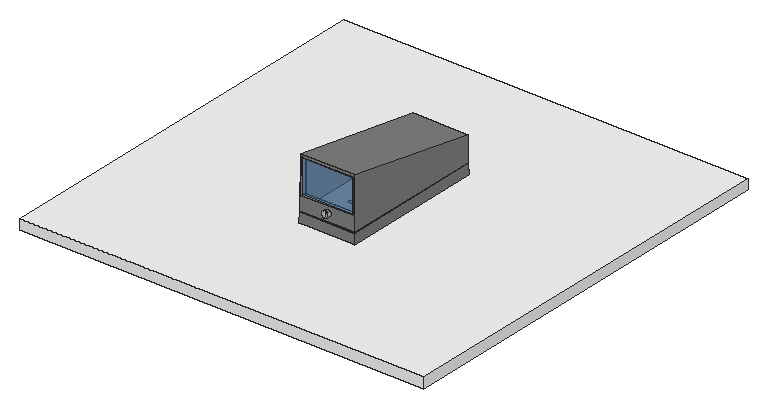
Revit family "BE_33513_de_DE", category Leuchten, Revit 2020
Family settings
  Basisbauteil = Fläche
  Bemaßung runder Anschluss = Durchmesser verwenden
  Teiletyp = Normal
  Beim Laden mit Abzugskörper schneiden = Ja
  Lichtquelle = Ja
  Gemeinsam genutzt = Nein
  Raumberechnungspunkt = Ja
Parameters (values of type "BEGA_33513_Grafit_K3")
  built-in parameter 1150104 = 13.8 (stored number, unit not read)
  Wattage = 9.2903 W
  Default Elevation = 0 mm
  built-in parameter 1150113 = 1 (stored number, unit not read)
  built-in parameter 1114218 = 1 (stored number, unit not read)
  Umgebungstemperatur = "25 °C"
  URL = "https://www.bega.com/de/produkt/33513"
  Typenkommentare = "© 2022 BEGA. Wir behalten uns das Recht vor, technische Änderungen ohne vorherige Ankündigung vorzunehmen."  # constant formula
  Type Image = 33513.png
  built-in parameter 1150134 = (empty or 0)
  built-in parameter 1150109 = 1 (stored number, unit not read)
  Strom = ""
  built-in parameter 1150110 = 1 (stored number, unit not read)
  Spannung = 239.996 V
  Sonderanfertigung = no
  Sockeltyp = ""
  Sockelanzahl = ""
  Seriennummer [instance] = "Hier können Sie die eindeutige Seriennummer für das Facility Management eintragen."
  Schutzklasse = "I"
  Schutzart = "IP 64"
  Scheinlast = 0 VA
  Produktdatenblatt = "https://cdn.bega.com/bega/products/33513K4/current/documents/data-sheets/de"
  Oberflächentemperatur = ""
  Neigungswinkel = 0.00°
  Modell = "33513K3"
  Material_17 = BEGA_Reflektor
  Material_15 = BEGA_Leuchtmedium_matt
  Material_11 = BEGA_Glas_opal
  Material_10 = BEGA_Glas_matt
  Material_09 = BEGA_Glas_klar
  Material_06 = BEGA_Oberfläche_Edelstahl_gebürstet
  Material_03 = BEGA_Oberfläche_Weiss_matt
  Material_02 = BEGA_Oberfläche_Silber_matt
  Material_01 [instance] = BEGA_Oberfläche_Grafit_matt
  M_W = no
  M_G = yes
  M_A = no
  Logo = 0
  built-in parameter 1114217 = 1 (stored number, unit not read)
  built-in parameter 1150139 = (empty or 0)
  built-in parameter 1150105 = 109.82 (stored number, unit not read)
  built-in parameter 1150114 = 1 (stored number, unit not read)
  Lumens = 1380 lm
  built-in parameter 1150115 = 1 (stored number, unit not read)
  Leuchtenlichtstrom = "204 lm"
  Leuchtenanzahl = ""
  Lebensdauerkriterien = "L70B50 @ 25 °C = 200000 h"
  Lastklassifizierung = Beleuchtung
  built-in parameter 1150112 = 1 (stored number, unit not read)
  Lampenlichtstrom = "345 lm"
  Lampe = "LED 2 W"
  LED_Modulbezeichnung = "LED-0305/830"
  built-in parameter 1150142 = (empty or 0)
  Hersteller = "BEGA"  # constant formula
  Halbstreuwinkel = ""
  Gewicht = "0.35 kg"
  Gebrauchslageneinschränkung [instance] = ""
  Frequenz = "0/50-60 Hz"
  Farbwiedergabeindex = "CRI > 80"
  Farbtemperaturverschiebung bei Dämpfen der Lampe = <Keine Auswahl>
  Farbtemperatur = "3000 K"
  Color Filter = 16777215
  built-in parameter 1150133 = 10 (stored number, unit not read)
  Energieeffizienzklasse = "LED A++ - A"
  built-in parameter 1150137 = (empty or 0)
  built-in parameter 1150132 = (empty or 0)
  ENEC = "ja"
  Dimmbar [instance] = "on/off"
  Datei für fotometrisches Netz = "BE_33513K3.IES"
  CE_Konformität = "ja"
  Bestellnummer = "33513K3"
  Beschreibung_Sonderanfertigung = "Hier können Sie Informationen zur Sonderanfertigung eintragen."
  Beschreibung = "Wandleuchte"
  built-in parameter 1150106 = 1.0982 (stored number, unit not read)
  Befestigungsbohrung = "Ø 4,5 mm"
  Befestigungsabstand = "65 mm"
  Ballwurfsicher = ""
  BEGA_Intern_aus = yes
  BEGA_Intern_an = yes
  BEGA_Intern_Konstruktion = yes
  BEGA_Intern = yes
  BEGA_IES = yes
  BEGA_Dummy = no
  Anschlussleitung = ""
  Anschlussleistung [instance] = "2.7 W"
  Anschlusskasten = ""
  built-in parameter 1150107 = 3000 (stored number, unit not read)
  built-in parameter 1150102 = (empty or 0)
  built-in parameter 1150138 = (empty or 0)
  Aktualisierung = "2022-05-18T04:00:07"
  Abstand_zur_angestrahlten_Fläche [instance] = ""
  AC/DC = "AC/DC"
Types (4, lengths in mm): name | Modell | M_G | M_A | Leuchtenlichtstrom | Lampenlichtstrom | LED_Modulbezeichnung | Farbtemperatur | Datei für fotometrisches Netz | Bestellnummer
  BEGA_33513_Grafit_K3 | "33513K3" | yes | no | "204 lm" | "345 lm" | "LED-0305/830" | "3000 K" | "BE_33513K3.IES" | "33513K3"
  BEGA_33513_Grafit_K4 | "33513K4" | yes | no | "207 lm" | "350 lm" | "LED-0305/840" | "4000 K" | "BE_33513K4.IES" | "33513K4"
  BEGA_33513_Silber_K4 | "33513AK4" | no | yes | "207 lm" | "350 lm" | "LED-0305/840" | "4000 K" | "BE_33513K4.IES" | "33513AK4"
  BEGA_33513_Silber_K3 | "33513AK3" | no | yes | "204 lm" | "345 lm" | "LED-0305/830" | "3000 K" | "BE_33513K3.IES" | "33513AK3"
Reference planes
  plane 1 "Mitte (Vorne/Hinten)": y = 0
  plane 2: z = 0
  plane 3 "Mitte (Links/Rechts)": x = 0
  plane 4 "Links": x = -27.666
  plane 5 "Rechts": x = 27.666
  plane 6 "Unten": y = -70.167
  plane 7 "Oben": y = 70.166
  plane 8 "Vorne": z = 60.544
Forms (mm)
  Extrusion 1, solid, material "BEGA_Platte_Weiss"
    sketch origin (0, -1119.2, 0) x (1, 0, 0) y (0, 1, 0)
      loop
        line (-200, 1319.2) -> (-200, 919.2) -> (200, 919.2) -> (200, 1319.2) -> (-200, 1319.2)
    from 0 to -10
  Extrusion 2, solid, material "BEGA_Dummy_matt", visible <- "BEGA_Dummy"
    sketch origin (80.095, -76.023, 0) x (1, 0, 0) y (0, 1, 0)
      loop
        line (-107.761, 146.189) -> (-107.761, 5.856) -> (-52.43, 5.856) -> (-52.43, 146.189) -> (-107.761, 146.189)
    from 0 to 60.544
Dimensions and locks
  plane 1 "Mitte (Vorne/Hinten)" to Extrusion 1 = 200 mm
  aligned and locked: plane 2 to Extrusion 1
  aligned and locked: level to Extrusion 1
Nested families
  nested 1: "BE_33513" at (0, 0, 0) x (0, 1, 0) z (0, 0, 1), type "BE_33513"
Connectors
  electrical at (0, 0, 0), driven by "Lastklassifizierung", driven by "Spannung", driven by "Scheinlast"
    settings: index 1, voltage 239.996 V, apparent load 0 VA, apparent load phase1 0 VA, apparent load phase2 0 VA, apparent load phase3 0 VA, power factor 1, load classification "Beleuchtung", number of poles 1, system type 31, power factor state 1, is connector primary yes, connector utility no, sub classification motor no, connector description ""
Definition of nested family "BE_33513"
  Parameters (values of type "BE_33513")
    Default Elevation = 1 mm
    URL = "http://www.bega.de/de/produkt"
    Type Comments = "© 2015 BEGA. Wir behalten uns das Recht vor, technische Änderungen ohne vorherige Ankündigung vorzunehmen. "  # constant formula
    Type Image = (empty or 0)
    Material_17 = none
    Material_15 = none
    Material_11 = none
    Material_10 = none
    Material_09 = none
    Material_06 = none
    Material_03 = none
    Material_02 = none
    Material_01 = none
    M_W = yes
    M_G = yes
    M_A = yes
    Länge_Platte = 200 mm  # constant formula
    Höhe_Platte = -10 mm  # constant formula
    Manufacturer = "BEGA"  # constant formula
    Breite_Platte = 200 mm  # constant formula
  Reference planes
    plane 1 "Mitte (Oben/Unten)": y = 0
    plane 2: z = 0
    plane 3 "Mitte (Links/Rechts)": x = 0
    plane 4 "Vorne": z = 60.544
    plane 5 "Hinten": z = 0
    plane 6 "Links": x = -70.167
    plane 7 "Rechts": x = 70.166
    plane 8 "Unten": y = -27.666
    plane 9: y = 27.666
  Forms (mm)
    Extrusion 1, solid, detail levels medium
      sketch origin (0, 0, 0) x (1, 0, 0) y (0, 1, 0)
        loop
          line (-100, 100) -> (-100, -100) -> (100, -100) -> (100, 100) -> (-100, 100)
      from 0 to -10 <- "Höhe_Platte"
    Sweep 2, solid, material <- "Material_01", visible <- "M_G", detail levels medium+fine
      path origin (0, 0, 0) x (1, 0, 0) y (0, 1, 0)
        loop
          line (70.166, 27.666) -> (-70.166, 27.666) -> (-70.166, -27.666) -> (70.166, -27.666) -> (70.166, 27.666)
      profile origin (70.166, 0, 0) x (1, 0, 0) y (0, 0, 1)
        loop
          line (0, 0) -> (-0.166, 9.5) -> (-1.249, 9.5) -> (-1.249, 10.846) -> (-5.167, 14.5) -> (-9.355, 14.5) -> (-9.355, 12) -> (-7.514, 12) -> (-6.725, 2.987) -> (-3.252, 2.987) -> (-3.252, 0) -> (0, 0)
    Extrusion 3, solid, material <- "Material_01", visible <- "M_G", detail levels medium+fine
      sketch origin (0, 0, 0) x (1, 0, 0) y (0, 0, 1)
        loop
          line (-70, 10.7) -> (-68.917, 10.7) -> (-66.457, 13.161) -> (-65.684, 57.39) -> (62.2, 34.553) -> (62.2, 17.417) -> (68.917, 10.7) -> (70, 10.7) -> (69.562, 35.778) -> (-69.13, 60.545) -> (-70, 10.7)
      from -27.5 to 27.5
    Extrusion 4, solid, material <- "Material_01", visible <- "M_G", detail levels medium+fine
      sketch origin (0, 0, 0) x (1, 0, 0) y (0, 1, 0)
        loop
          line (-60.811, 18.311) -> (-60.811, -18.311) -> (60.811, -18.311) -> (60.811, 18.311) -> (-60.811, 18.311)
      from 12 to 14.5
    Extrusion 5, solid, material <- "Material_01", visible <- "M_G", detail levels medium+fine
      sketch origin (0, 0, 0) x (1, 0, 0) y (0, 0, 1)
        loop
          line (69.562, 35.778) -> (-69.13, 60.545) -> (-70, 10.7) -> (70, 10.7) -> (69.562, 35.778)
      from 24.413 to 27.5
    Extrusion 6, solid, material <- "Material_01", visible <- "M_G", detail levels medium+fine
      sketch origin (0, 0, 0) x (1, 0, 0) y (0, 0, -1)
        loop
          line (69.562, -35.778) -> (70, -10.7) -> (-70, -10.7) -> (-69.13, -60.545) -> (69.562, -35.778)
      from 24.413 to 27.5
    Blend 7, void
      base sketch origin (0, 0, 0) x (0, 1, 0) y (0, 0, 1)
        loop
          line (24.5, 57.545) -> (-24.5, 57.545) -> (-24.5, 25.545) -> (24.5, 25.545) -> (24.5, 57.545)
      top sketch origin (0, 0, 0) x (0, 1, 0) y (0, 0, 1)
        loop
          line (26, 59.045) -> (-26, 59.045) -> (-26, 24.045) -> (26, 24.045) -> (26, 59.045)
      from -65.183 to -70.069
    Extrusion 8, solid, material <- "Material_10", detail levels medium+fine
      sketch origin (0, 0, 0) x (1, 0, 0) y (0, 0, 1)
        loop
          line (-65.685, 57.389) -> (-68.884, 57.445) -> (-69.448, 25.112) -> (-66.249, 25.056) -> (-65.685, 57.389)
      from -24.568 to 24.468
    Revolve 9, solid, material <- "Material_06", detail levels fine
      sketch origin (0, 0, 0) x (1, 0, 0) y (0, 0, 1)
        loop
          line (-72.944, 21.453) -> (-73, 18.253) -> (-68.969, 18.183) -> (-68.913, 21.383) -> (-72.944, 21.453)
        axis (-73, 18.253) -> (-68.969, 18.183)
      angle from 0 to 360
    Sweep 10, solid, material <- "Material_02", visible <- "M_A", detail levels medium+fine
      path origin (0, 0, 0) x (1, 0, 0) y (0, 1, 0)
        loop
          line (70.166, 27.666) -> (-70.166, 27.666) -> (-70.166, -27.666) -> (70.166, -27.666) -> (70.166, 27.666)
      profile origin (70.166, 0, 0) x (1, 0, 0) y (0, 0, 1)
        loop
          line (0, 0) -> (-0.166, 9.5) -> (-1.249, 9.5) -> (-1.249, 10.846) -> (-5.167, 14.5) -> (-9.355, 14.5) -> (-9.355, 12) -> (-7.514, 12) -> (-6.725, 2.987) -> (-3.252, 2.987) -> (-3.252, 0) -> (0, 0)
    Extrusion 11, solid, material <- "Material_02", visible <- "M_A", detail levels medium+fine
      sketch origin (0, 0, 0) x (1, 0, 0) y (0, 1, 0)
        loop
          line (-60.811, 18.311) -> (-60.811, -18.311) -> (60.811, -18.311) -> (60.811, 18.311) -> (-60.811, 18.311)
      from 12 to 14.5
    Extrusion 12, solid, material <- "Material_02", visible <- "M_A", detail levels medium+fine
      sketch origin (0, 0, 0) x (1, 0, 0) y (0, 0, 1)
        loop
          line (-70, 10.7) -> (-68.917, 10.7) -> (-66.457, 13.161) -> (-65.684, 57.39) -> (62.2, 34.553) -> (62.2, 17.417) -> (68.917, 10.7) -> (70, 10.7) -> (69.562, 35.778) -> (-69.13, 60.545) -> (-70, 10.7)
      from -27.5 to 27.5
    Extrusion 13, solid, material <- "Material_02", visible <- "M_A", detail levels medium+fine
      sketch origin (0, 0, 0) x (1, 0, 0) y (0, 0, 1)
        loop
          line (69.562, 35.778) -> (-69.13, 60.545) -> (-70, 10.7) -> (70, 10.7) -> (69.562, 35.778)
      from 24.413 to 27.5
    Extrusion 14, solid, material <- "Material_02", visible <- "M_A", detail levels medium+fine
      sketch origin (0, 0, 0) x (1, 0, 0) y (0, 0, -1)
        loop
          line (69.562, -35.778) -> (70, -10.7) -> (-70, -10.7) -> (-69.13, -60.545) -> (69.562, -35.778)
      from 24.413 to 27.5
    Extrusion 15, void
      sketch origin (0, 0, 0) x (1, 0, 0) y (0, 1, 0)
        loop
          circle (-40, 0) r 2.25
        loop
          circle (25, 0) r 2.25
        loop
          circle (46, -9) r 7.5
      from 0 to 18.253
    Extrusion 16, void
      sketch origin (0, 0, 0) x (0, 1, 0) y (0, 0, 1)
        loop
          line (27.5, 10.7) -> (27.5, 61.382) -> (26.615, 61.382) -> (27.5, 10.7)
        loop
          line (-27.5, 10.7) -> (-26.615, 61.382) -> (-27.5, 61.382) -> (-27.5, 10.7)
      from -74.788 to 73.809
  Cuts and joins
    Extrusion 15 cuts Sweep 2
    Extrusion 15 cuts Extrusion 4
    joined: Sweep 2, Extrusion 4
    Blend 7, Extrusion 15, Extrusion 16 cuts Extrusion 3
    Blend 7, Extrusion 15, Extrusion 16 cuts Extrusion 5
    Blend 7, Extrusion 15, Extrusion 16 cuts Extrusion 6
    joined: Extrusion 3, Extrusion 5, Extrusion 6
    Extrusion 15 cuts Sweep 10
    Extrusion 15 cuts Extrusion 11
    joined: Sweep 10, Extrusion 11
    Blend 7, Extrusion 15, Extrusion 16 cuts Extrusion 12
    Blend 7, Extrusion 15, Extrusion 16 cuts Extrusion 13
    Blend 7, Extrusion 15, Extrusion 16 cuts Extrusion 14
    joined: Extrusion 12, Extrusion 13, Extrusion 14
  Dimensions and locks
    equal spacing: Extrusion 1 sketch curve, plane 3 "Mitte (Links/Rechts)", Extrusion 1 sketch curve
    equal spacing: Extrusion 1 sketch curve, plane 1 "Mitte (Oben/Unten)", Extrusion 1 sketch curve
    "Länge_Platte": Extrusion 1 sketch curve to Extrusion 1 sketch curve
    "Breite_Platte": Extrusion 1 sketch curve to Extrusion 1 sketch curve
    aligned and locked: Extrusion 1 to plane 2
    aligned and locked: level to Extrusion 1
  Automatic sketch dimensions
    Sweep 2 sketch curve to plane 1 "Mitte (Oben/Unten)" = 27.666 mm
    Sweep 2 sketch curve to plane 3 "Mitte (Links/Rechts)" = 70.166 mm
    plane 3 "Mitte (Links/Rechts)" to Sweep 2 sketch curve = 70.166 mm
    plane 1 "Mitte (Oben/Unten)" to Sweep 2 sketch curve = 27.666 mm
    Sweep 2 sketch curve to level = 0 mm
    profile plane to Sweep 2 sketch curve = 0 mm
    profile plane to Sweep 2 sketch curve = 0.166 mm
    Sweep 2 sketch curve to Sweep 2 sketch curve = 1.083 mm
    profile plane to Sweep 2 sketch curve = 3.252 mm
    profile plane to Sweep 2 sketch curve = 5.167 mm
    level to Sweep 2 sketch curve = 2.987 mm
    Sweep 2 sketch curve to Sweep 2 sketch curve = 3.473 mm
    Sweep 2 sketch curve to Sweep 2 sketch curve = 2.346 mm
    Sweep 2 sketch curve to Sweep 2 sketch curve = 1.841 mm
    Sweep 2 sketch curve to Sweep 2 sketch curve = 6.513 mm
    Sweep 2 sketch curve to Sweep 2 sketch curve = 1.346 mm
    Sweep 2 sketch curve to Sweep 2 sketch curve = 1.154 mm
    Sweep 2 sketch curve to Sweep 2 sketch curve = 2.5 mm
    level to Extrusion 3 sketch curve = 10.7 mm  (x2)
    Extrusion 3 sketch curve to plane 3 "Mitte (Links/Rechts)" = 70 mm
    Extrusion 3 sketch curve to Extrusion 3 sketch curve = 0.87 mm
    Extrusion 3 sketch curve to Extrusion 3 sketch curve = 1.083 mm  (x2)
    level to Extrusion 3 sketch curve = 13.161 mm
    Extrusion 3 sketch curve to Extrusion 3 sketch curve = 2.461 mm
    Extrusion 3 sketch curve to Extrusion 3 sketch curve = 3.445 mm
    plane 3 "Mitte (Links/Rechts)" to Extrusion 3 sketch curve = 62.2 mm
    Extrusion 3 sketch curve to Extrusion 3 sketch curve = 6.717 mm  (x2)
    Extrusion 3 sketch curve to Extrusion 3 sketch curve = 7.362 mm
    Extrusion 3 sketch curve to Extrusion 3 sketch curve = 17.136 mm
    Extrusion 3 sketch curve to Extrusion 3 sketch curve = 1.225 mm
    Extrusion 3 sketch curve to Extrusion 3 sketch curve = 44.229 mm
    Extrusion 3 sketch curve to Extrusion 3 sketch curve = 3.155 mm
    plane 1 "Mitte (Oben/Unten)" to Extrusion 4 sketch curve = 18.311 mm
    Extrusion 4 sketch curve to plane 3 "Mitte (Links/Rechts)" = 60.811 mm
    plane 3 "Mitte (Links/Rechts)" to Extrusion 4 sketch curve = 60.811 mm
    Extrusion 4 sketch curve to plane 1 "Mitte (Oben/Unten)" = 18.311 mm
    level to Extrusion 5 sketch curve = 10.7 mm
    Extrusion 5 sketch curve to plane 3 "Mitte (Links/Rechts)" = 70 mm
    Extrusion 5 sketch curve to Extrusion 5 sketch curve = 0.87 mm
    plane 3 "Mitte (Links/Rechts)" to Extrusion 5 sketch curve = 69.562 mm
    Extrusion 5 sketch curve to Extrusion 5 sketch curve = 0.438 mm
    Extrusion 5 sketch curve to Extrusion 5 sketch curve = 25.078 mm
    Extrusion 5 sketch curve to Extrusion 5 sketch curve = 49.845 mm
    level to Extrusion 6 sketch curve = 10.7 mm
    Extrusion 6 sketch curve to plane 3 "Mitte (Links/Rechts)" = 70 mm
    Extrusion 6 sketch curve to Extrusion 6 sketch curve = 0.87 mm
    plane 3 "Mitte (Links/Rechts)" to Extrusion 6 sketch curve = 69.562 mm
    Extrusion 6 sketch curve to Extrusion 6 sketch curve = 0.438 mm
    Extrusion 6 sketch curve to Extrusion 6 sketch curve = 25.078 mm
    Extrusion 6 sketch curve to Extrusion 6 sketch curve = 49.845 mm
    plane 1 "Mitte (Oben/Unten)" to Blend 7 sketch curve = 24.5 mm
    Blend 7 sketch curve to plane 1 "Mitte (Oben/Unten)" = 24.5 mm
    level to Blend 7 sketch curve = 25.545 mm
    Blend 7 sketch curve to Blend 7 sketch curve = 32 mm
    plane 1 "Mitte (Oben/Unten)" to Blend 7 sketch curve = 26 mm
    Blend 7 sketch curve to plane 1 "Mitte (Oben/Unten)" = 26 mm
    level to Blend 7 sketch curve = 24.045 mm
    Blend 7 sketch curve to Blend 7 sketch curve = 35 mm
    level to Extrusion 8 sketch curve = 25.112 mm
    Extrusion 8 sketch curve to plane 3 "Mitte (Links/Rechts)" = 69.448 mm
    Extrusion 8 sketch curve to Extrusion 8 sketch curve = 0.564 mm
    level to Extrusion 8 sketch curve = 25.056 mm
    Extrusion 8 sketch curve to Extrusion 8 sketch curve = 3.2 mm  (x2)
    Extrusion 8 sketch curve to Extrusion 8 sketch curve = 32.333 mm
    Extrusion 8 sketch curve to Extrusion 8 sketch curve = 0.056 mm
    level to Revolve 9 sketch curve = 18.253 mm  (x2)
    Revolve 9 sketch curve to plane 3 "Mitte (Links/Rechts)" = 73 mm
    level to Revolve 9 sketch curve = 21.453 mm
    Revolve 9 sketch curve to Revolve 9 sketch curve = 0.056 mm  (x2)
    level to Revolve 9 sketch curve = 18.183 mm
    Revolve 9 sketch curve to Revolve 9 sketch curve = 4.03 mm
    level to Revolve 9 sketch curve = 21.383 mm
    Revolve 9 sketch curve to Revolve 9 sketch curve = 0 mm
    level to Revolve 9 sketch curve = 18.166 mm
    Revolve 9 sketch curve to Revolve 9 sketch curve = 0.969 mm
    Sweep 10 sketch curve to plane 1 "Mitte (Oben/Unten)" = 27.666 mm
    Sweep 10 sketch curve to plane 3 "Mitte (Links/Rechts)" = 70.166 mm
    plane 3 "Mitte (Links/Rechts)" to Sweep 10 sketch curve = 70.166 mm
    plane 1 "Mitte (Oben/Unten)" to Sweep 10 sketch curve = 27.666 mm
    Sweep 10 sketch curve to level = 0 mm
    profile plane to Sweep 10 sketch curve = 0 mm
    profile plane to Sweep 10 sketch curve = 0.166 mm
    Sweep 10 sketch curve to Sweep 10 sketch curve = 1.083 mm
    profile plane to Sweep 10 sketch curve = 3.252 mm
    profile plane to Sweep 10 sketch curve = 5.167 mm
    level to Sweep 10 sketch curve = 2.987 mm
    Sweep 10 sketch curve to Sweep 10 sketch curve = 3.473 mm
    Sweep 10 sketch curve to Sweep 10 sketch curve = 2.346 mm
    Sweep 10 sketch curve to Sweep 10 sketch curve = 1.841 mm
    Sweep 10 sketch curve to Sweep 10 sketch curve = 6.513 mm
    Sweep 10 sketch curve to Sweep 10 sketch curve = 1.346 mm
    Sweep 10 sketch curve to Sweep 10 sketch curve = 1.154 mm
    Sweep 10 sketch curve to Sweep 10 sketch curve = 2.5 mm
    plane 1 "Mitte (Oben/Unten)" to Extrusion 11 sketch curve = 18.311 mm
    Extrusion 11 sketch curve to plane 3 "Mitte (Links/Rechts)" = 60.811 mm
    plane 3 "Mitte (Links/Rechts)" to Extrusion 11 sketch curve = 60.811 mm
    Extrusion 11 sketch curve to plane 1 "Mitte (Oben/Unten)" = 18.311 mm
    level to Extrusion 12 sketch curve = 10.7 mm  (x2)
    Extrusion 12 sketch curve to plane 3 "Mitte (Links/Rechts)" = 70 mm
    Extrusion 12 sketch curve to Extrusion 12 sketch curve = 0.87 mm
    Extrusion 12 sketch curve to Extrusion 12 sketch curve = 1.083 mm  (x2)
    level to Extrusion 12 sketch curve = 13.161 mm
    Extrusion 12 sketch curve to Extrusion 12 sketch curve = 2.461 mm
    Extrusion 12 sketch curve to Extrusion 12 sketch curve = 3.445 mm
    plane 3 "Mitte (Links/Rechts)" to Extrusion 12 sketch curve = 62.2 mm
    Extrusion 12 sketch curve to Extrusion 12 sketch curve = 6.717 mm  (x2)
    Extrusion 12 sketch curve to Extrusion 12 sketch curve = 7.362 mm
    Extrusion 12 sketch curve to Extrusion 12 sketch curve = 17.136 mm
    Extrusion 12 sketch curve to Extrusion 12 sketch curve = 1.225 mm
    Extrusion 12 sketch curve to Extrusion 12 sketch curve = 44.229 mm
    Extrusion 12 sketch curve to Extrusion 12 sketch curve = 3.155 mm
    level to Extrusion 13 sketch curve = 10.7 mm
    Extrusion 13 sketch curve to plane 3 "Mitte (Links/Rechts)" = 70 mm
    Extrusion 13 sketch curve to Extrusion 13 sketch curve = 0.87 mm
    plane 3 "Mitte (Links/Rechts)" to Extrusion 13 sketch curve = 69.562 mm
    Extrusion 13 sketch curve to Extrusion 13 sketch curve = 0.438 mm
    Extrusion 13 sketch curve to Extrusion 13 sketch curve = 25.078 mm
    Extrusion 13 sketch curve to Extrusion 13 sketch curve = 49.845 mm
    level to Extrusion 14 sketch curve = 10.7 mm
    Extrusion 14 sketch curve to plane 3 "Mitte (Links/Rechts)" = 70 mm
    Extrusion 14 sketch curve to Extrusion 14 sketch curve = 0.87 mm
    plane 3 "Mitte (Links/Rechts)" to Extrusion 14 sketch curve = 69.562 mm
    Extrusion 14 sketch curve to Extrusion 14 sketch curve = 0.438 mm
    Extrusion 14 sketch curve to Extrusion 14 sketch curve = 25.078 mm
    Extrusion 14 sketch curve to Extrusion 14 sketch curve = 49.845 mm
    plane 1 "Mitte (Oben/Unten)" to Extrusion 15 sketch curve = 0 mm  (x2)
    Extrusion 15 sketch curve to plane 3 "Mitte (Links/Rechts)" = 40 mm
    plane 3 "Mitte (Links/Rechts)" to Extrusion 15 sketch curve = 25 mm
    plane 1 "Mitte (Oben/Unten)" to Extrusion 15 sketch curve = 9 mm
    Extrusion 15 sketch curve to Extrusion 15 sketch curve = 21 mm
    plane 8 "Unten" to Extrusion 16 sketch curve = 0.166 mm
    Extrusion 16 sketch curve to Extrusion 16 sketch curve = 0.885 mm
    plane 9 to Extrusion 16 sketch curve = 1.05 mm
    plane 9 to Extrusion 16 sketch curve = 0.166 mm
    level to Extrusion 16 sketch curve = 10.7 mm  (x2)
    plane 4 "Vorne" to Extrusion 16 sketch curve = 0.838 mm  (x2)
    radius of Extrusion 15 sketch curve = 2.25 mm  (x2)
    radius of Extrusion 15 sketch curve = 7.5 mm
